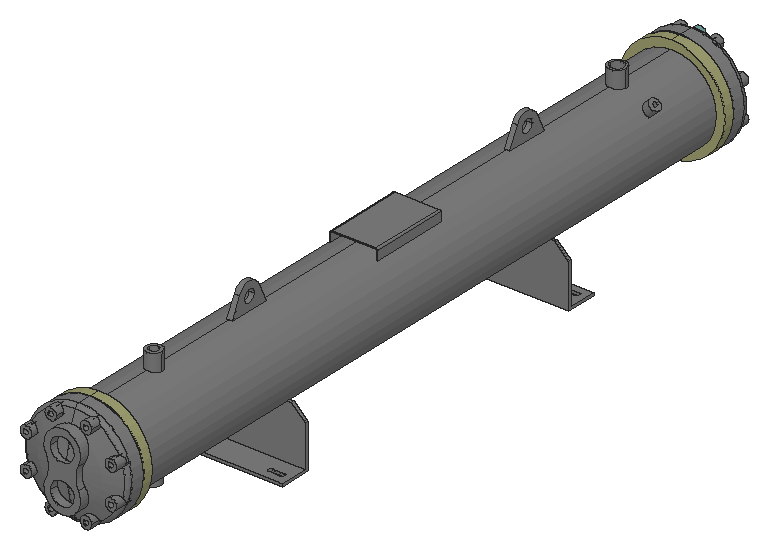
Revit family "MIT-BCM_60_4P", category Specialty Equipment, Revit 2022
Family settings
  Round Connector Dimension = Use Radius
  Part Type = Normal
  Work Plane-Based = No
  Always vertical = Yes
  Cut with Voids When Loaded = No
  Maintain Annotation Orientation = No
  Shared = No
  Room Calculation Point = No
Parameters
  URL = "https://en.ekinendustriyel.com/evaporators-and-condensers"
  Test Pressure = 64.35 bar
  Production Standard = "TS EN 13831"
  Operating Pressure = 45.0 bar
  Model = "MIT-BCM 60_4P"
  Manufacturer = "Ekin Endüstriyel"
  Keynote = "Condensers"
  Description = "MIT- Condensers"
  Default Elevation = 0 mm
Reference planes
  plane 1 "Center (Front/Back)": y = 0
  plane 2: z = 0
  plane 3 "Center (Left/Right)": x = 0
Forms (mm)
  Extrusion 1, solid, material "Ekin Endustriyel-S235JR", detail levels medium+fine
    sketch origin (0, 0, 0) x (1, 0, 0) y (0, 0, 1)
      loop
        circle (0, 164.15) r 84.15
    from -679.877 to 680.123
  Extrusion 2, solid, material "Ekin Endustriyel-AISI316L", detail levels medium+fine
    sketch origin (0, 0, 0) x (1, 0, 0) y (0, 0, 1)
      loop
        circle (0, 164.15) r 100
    from 700.123 to 680.123
  Extrusion 3, solid, material "Ekin Endustriyel-AISI316L", detail levels medium+fine
    sketch origin (0, 0, 0) x (1, 0, 0) y (0, 0, 1)
      loop
        circle (0, 164.15) r 100
    from -679.877 to -699.877
  Revolve 4, solid, material "Ekin Endustriyel-S235JR", detail levels medium+fine
    sketch origin (0, 0, 0) x (0, 1, 0) y (0, 0, 1)
      loop
        arc (756.877, 164.15) -> (751.232, 212.043) -> (736.278, 257.89) r 244.009
        arc (736.278, 257.89) -> (732.413, 262.447) -> (726.686, 264.15) r 10.477
        line (726.686, 264.15) -> (701.877, 264.15) -> (701.877, 164.15) -> (756.877, 164.15)
      axis (701.877, 164.15) -> (756.877, 164.15)
    angle from 0 to 360
  Revolve 5, solid, material "Ekin Endustriyel-S235JR", detail levels medium+fine
    sketch origin (0, 0, 0) x (0, -1, 0) y (0, 0, -1)
      loop
        line (756.877, -164.15) -> (701.877, -164.15) -> (701.877, -264.15) -> (726.686, -264.15)
        arc (726.686, -264.15) -> (732.413, -262.447) -> (736.278, -257.89) r 10.477
        arc (736.278, -257.89) -> (751.232, -212.043) -> (756.877, -164.15) r 244.009
      axis (701.877, -164.15) -> (756.877, -164.15)
    angle from 0 to 360
  Extrusion 6, solid, material "Ekin Endustriyel-S235JR", detail levels medium+fine
    sketch origin (0, 0, 0) x (1, 0, 0) y (0, 0, 1)
      loop
        circle (0, 201.65) r 22.625
      loop
        circle (0, 126.65) r 22.625
      loop
        arc (30.708, 184.856) -> (0, 236.65) -> (-30.708, 184.856) r 35
        arc (-30.708, 184.856) -> (-26.118, 164.15) -> (-30.708, 143.444) r 49
        arc (-30.708, 143.444) -> (0, 91.65) -> (30.708, 143.444) r 35
        arc (30.708, 143.444) -> (26.118, 164.15) -> (30.708, 184.856) r 49
    from 717.825 to 767.123
  Extrusion 7, solid, material "Ekin Endustriyel-S235JR", detail levels fine
    sketch origin (0, 0, 0) x (1, 0, 0) y (0, 0, 1)
      loop
        circle (-33.485, 244.989) r 5.25
      loop
        circle (-33.485, 244.989) r 11
      loop
        circle (33.485, 244.989) r 5.25
      loop
        circle (33.485, 244.989) r 11
      loop
        circle (-33.485, 83.311) r 5.25
      loop
        circle (-33.485, 83.311) r 11
      loop
        circle (33.485, 83.311) r 5.25
      loop
        circle (33.485, 83.311) r 11
      loop
        circle (80.839, 197.635) r 5.25
      loop
        circle (80.839, 197.635) r 11
      loop
        circle (80.839, 130.665) r 5.25
      loop
        circle (80.839, 130.665) r 11
      loop
        circle (-80.839, 197.635) r 5.25
      loop
        circle (-80.839, 197.635) r 11
      loop
        circle (-80.839, 130.665) r 5.25
      loop
        circle (-80.839, 130.665) r 11
      loop
        spline (3.887, 93.53) -> (3.258, 93.719) -> (2.619, 93.873) -> (1.971, 93.993) -> (1.318, 94.079) -> (0.66, 94.131) -> (0, 94.149) -> (-0.66, 94.131) -> (-1.318, 94.079) -> (-1.971, 93.993) -> (-2.619, 93.873) -> (-3.258, 93.719) -> (-3.887, 93.53)
        arc (-3.887, 93.53) -> (0, 69.15) -> (3.887, 93.53) r 12.5
    from -746.877 to -718.037
  Extrusion 8, solid, material "Ekin Endustriyel-S235JR", detail levels fine
    sketch origin (0, 0, 0) x (1, 0, 0) y (0, 0, 1)
      loop
        circle (35.355, 128.795) r 22.5
      loop
        circle (-35.355, 199.505) r 22.5
    from -756.877 to -718.037
  Extrusion 9, solid, material "Ekin Endustriyel-S235JR", detail levels fine
    sketch origin (0, 0, 0) x (1, 0, 0) y (0, 1, 0)
      loop
        circle (0, 549.877) r 16.75
      loop
        circle (0, 549.877) r 13
    from 191.874 to 278.3
  Extrusion 10, solid, material "Ekin Endustriyel-S235JR", detail levels fine
    sketch origin (0, 0, 0) x (1, 0, 0) y (0, 1, 0)
      loop
        circle (0, -550.123) r 15.25
      loop
        circle (0, -550.123) r 8.928
    from 191.926 to 278.374
  Extrusion 11, solid, material "Ekin Endustriyel-S235JR", detail levels fine
    sketch origin (0, 0, 0) x (1, 0, 0) y (0, 1, 0)
      loop
        circle (0, -550.123) r 13.75
      loop
        circle (0, -550.123) r 10.25
    from 51.131 to 164.102
  Extrusion 12, solid, material "Ekin Endustriyel-S235JR", detail levels fine
    sketch origin (71.72, 549.877, 235.87) x (-0.707107, 0, 0.707107) y (0, 1, 0)
      loop
        circle (0, 0) r 11
      loop
        circle (0, 0) r 4.745
    from 0 to 68.846
  Extrusion 13, solid, material "Ekin Endustriyel-S235JR", detail levels fine
    sketch origin (0, 0, 0) x (1, 0, 0) y (0, 0, 1)
      loop
        arc (-42, 255.88) -> (-44.121, 255.002) -> (-45, 252.88) r 3
        line (-45, 252.88) -> (-45, 235.88) -> (-44, 235.88) -> (-44, 252.88)
        arc (-44, 252.88) -> (-43.414, 254.294) -> (-42, 254.88) r 2
        line (-42, 254.88) -> (42, 254.88)
        arc (42, 254.88) -> (43.414, 254.294) -> (44, 252.88) r 2
        line (44, 252.88) -> (44, 235.88) -> (45, 235.88) -> (45, 252.88)
        arc (45, 252.88) -> (44.121, 255.002) -> (42, 255.88) r 3
        line (42, 255.88) -> (-42, 255.88)
    from -74.877 to 75.123
  Extrusion 14, solid, material "Ekin Endustriyel-S235JR", detail levels fine
    sketch origin (0, 0, 0) x (0, 1, 0) y (0, 0, 1)
      loop
        circle (329.877, 273.151) r 12.5
      loop
        arc (352.349, 284.106) -> (329.877, 298.151) -> (307.406, 284.106) r 25
        line (307.406, 284.106) -> (289.877, 248.151) -> (369.877, 248.151) -> (352.349, 284.106)
      loop
        arc (-307.651, 284.106) -> (-330.123, 298.151) -> (-352.594, 284.106) r 25
        line (-352.594, 284.106) -> (-370.123, 248.151) -> (-290.123, 248.151) -> (-307.651, 284.106)
      loop
        circle (-330.123, 273.151) r 12.5
    from -5 to 5
  Extrusion 15, solid, material "Ekin Endustriyel-S235JR"
    sketch origin (0, 0, 0) x (0, 1, 0) y (0, 0, 1)
      loop
        line (309.877, 110) -> (309.877, 0) -> (369.877, 0) -> (369.877, 5) -> (314.877, 5) -> (314.877, 110) -> (309.877, 110)
      loop
        line (-309.877, 110) -> (-314.877, 110) -> (-314.877, 5) -> (-369.877, 5) -> (-369.877, 0) -> (-309.877, 0) -> (-309.877, 110)
    from -100 to 100
  Extrusion 16, void
    sketch origin (0, 0, 0) x (1, 0, 0) y (0, 0, 1)
      loop
        line (100, 84.413) -> (100, 119.413) -> (-100, 119.413) -> (-100, 84.413) -> (-74.413, 110) -> (-64.413, 110)
        arc (-64.413, 110) -> (0, 80) -> (64.413, 110) r 84.15
        line (64.413, 110) -> (74.413, 110) -> (100, 84.413)
    from -314.877 to 315.123
  Extrusion 17, void
    sketch origin (0, 0, 0) x (1, 0, 0) y (0, 1, 0)
      loop
        line (63.5, -355.373) -> (83.5, -355.373)
        arc (83.5, -355.373) -> (88.75, -350.123) -> (83.5, -344.873) r 5.25
        line (83.5, -344.873) -> (63.5, -344.873)
        arc (63.5, -344.873) -> (58.25, -350.123) -> (63.5, -355.373) r 5.25
      loop
        line (-63.5, -344.873) -> (-83.5, -344.873)
        arc (-83.5, -344.873) -> (-88.75, -350.123) -> (-83.5, -355.373) r 5.25
        line (-83.5, -355.373) -> (-63.5, -355.373)
        arc (-63.5, -355.373) -> (-58.25, -350.123) -> (-63.5, -344.873) r 5.25
      loop
        arc (63.5, 355.373) -> (58.25, 350.123) -> (63.5, 344.873) r 5.25
        line (63.5, 344.873) -> (83.5, 344.873)
        arc (83.5, 344.873) -> (88.75, 350.123) -> (83.5, 355.373) r 5.25
        line (83.5, 355.373) -> (63.5, 355.373)
      loop
        arc (-63.5, 344.873) -> (-58.25, 350.123) -> (-63.5, 355.373) r 5.25
        line (-63.5, 355.373) -> (-83.5, 355.373)
        arc (-83.5, 355.373) -> (-88.75, 350.123) -> (-83.5, 344.873) r 5.25
        line (-83.5, 344.873) -> (-63.5, 344.873)
    from 0 to 5
  Extrusion 18, solid, material "Ekin Endustriyel-S235JR", detail levels coarse
    sketch origin (0, 0, 0) x (1, 0, 0) y (0, 0, 1)
      loop
        circle (0, 164.15) r 100
    from -756.877 to 767.123
  Extrusion 19, solid, material "Ekin Endustriyel-S235JR", detail levels fine
    sketch origin (0, 0, 0) x (1, 0, 0) y (0, 0, 1)
      loop
        circle (-33.485, 244.989) r 5.25
      loop
        circle (-33.485, 244.989) r 11
      loop
        circle (33.485, 244.989) r 5.25
      loop
        circle (33.485, 244.989) r 11
      loop
        circle (-33.485, 83.311) r 5.25
      loop
        circle (-33.485, 83.311) r 11
      loop
        circle (33.485, 83.311) r 5.25
      loop
        circle (33.485, 83.311) r 11
      loop
        circle (80.839, 197.635) r 5.25
      loop
        circle (80.839, 197.635) r 11
      loop
        circle (80.839, 130.665) r 5.25
      loop
        circle (80.839, 130.665) r 11
      loop
        circle (-80.839, 197.635) r 5.25
      loop
        circle (-80.839, 197.635) r 11
      loop
        circle (-80.839, 130.665) r 5.25
      loop
        circle (-80.839, 130.665) r 11
    from 717.825 to 752.867
  Extrusion 20, solid, material "Ekin Endustriyel-Zinc", detail levels fine
    sketch origin (0, 0, 0) x (1, 0, 0) y (0, 0, 1)
      loop
        spline (-3.887, 234.77) -> (-3.258, 234.581) -> (-2.619, 234.427) -> (-1.971, 234.307) -> (-1.318, 234.221) -> (-0.66, 234.169) -> (0, 234.151) -> (0.66, 234.169) -> (1.318, 234.221) -> (1.971, 234.307) -> (2.619, 234.427) -> (3.258, 234.581) -> (3.887, 234.77)
        arc (3.887, 234.77) -> (0, 259.15) -> (-3.887, 234.77) r 12.5
    from -746.877 to -718.037
Cuts and joins
  Extrusion 16, Extrusion 17 cuts Extrusion 15
  joined: Revolve 5, Extrusion 6
Dimensions and locks
  aligned and locked: level to plane 2
